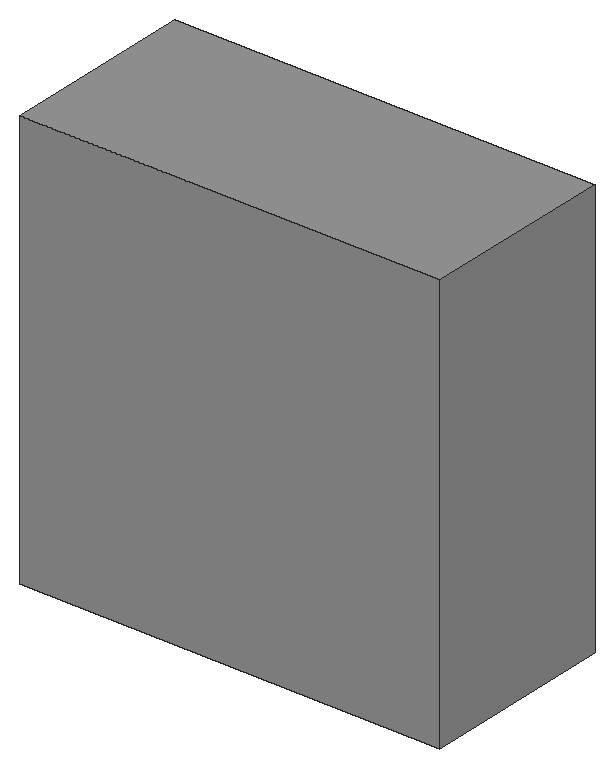
Revit family "EI_Verteiler_V1700", category Elektroinstallationen, Revit 2017
Family settings
  Beschriftungsausrichtung beibehalten = Nein
  Bemaßung runder Anschluss = Durchmesser verwenden
  Teiletyp = Normal
  OmniClass-Nummer = 23.80.00.00
  OmniClass-Titel = Electric Power and Lighting
  Arbeitsebenenbasiert = Nein
  Immer vertikal = Ja
  Beim Laden mit Abzugskörper schneiden = Ja
  Gemeinsam genutzt = Nein
  Raumberechnungspunkt = Nein
Parameters (values of type "ZK")
  pbr_Material_KZ = ""
  pbr_Material = none
  pbr_E_Typ = ""
  pbr_E_KZ = ""
  pbr_DINBild = 0
  pbr_Bild = 0
  pbr_3Dx_Delta_Korrekturversatz [instance] = 0 mm
  pbr_3DX_Versatzfaktor [instance] = 0
  pbr_2DY_Versatzfaktor [instance] = 0
  pbr_2DX_Versatzfaktor [instance] = 0
  cpiFitMatchKey [instance] = "E-BM-BMPA"
  Zentrale [instance] = ""
  Wirkleistung [instance] = 0 W
  Winkel [instance] = 90.00°
  Verteiler (INSTA) = no
  Verteiler (BMA) = yes
  Typ [instance] = ""
  Tiefe = 37 mm
  Text3 [instance] = ""
  Text2 [instance] = ""
  Text1 [instance] = ""
  Spannung [instance] = 0
  Scheinleistung [instance] = 0 VA
  Schaltgruppe2 [instance] = 0
  Schaltgruppe1 [instance] = 0
  Polig [instance] = 1
  Planungsbüro Rohling = "www.pbr.de"
  Nennstrom [instance] = 0
  Menge(Dosenzahl) [instance] = 0
  Länge = Breite  # 80 mm
  Linie/Anschluss [instance] = ""
  Leistungsfaktor [instance] = 0
  Lastklassifizierung = none
  Installationsart [instance] = ""
  Info [instance] = ""
  Gleichzeitigkeitsfaktor3 [instance] = 0
  Gleichzeitigkeitsfaktor2 [instance] = 0
  Gleichzeitigkeitsfaktor1 [instance] = 0
  Gewerk [instance] = "ZK"
  Eckversatz [instance] = 0 mm
  YFrontversatz [instance] = if(pbr_2DY_Versatzfaktor = 300, 0 mm, pbr_2DY_Versatzfaktor * 300 mm)  # 0 mm
  XSeitenversatz [instance] = if(pbr_2DX_Versatzfaktor = 0, 3000 mm, 3000 mm + (pbr_2DX_Versatzfaktor * 300 mm)) + Eckversatz  # 3000 mm
  X3Dversatz [instance] = if([3DX_Versatzkontrolle] = 0, 2000 mm, 2000 mm + ([3DX_Versatzkontrolle] * (300 mm - Breite))) + pbr_3Dx_Delta_Korrekturversatz  # 2000 mm
  Niveau [instance] = 1200 mm
  Breite = 80 mm
  Anlaufstrom [instance] = 0
  3DX_Versatzkontrolle [instance] = if(pbr_3DX_Versatzfaktor = 0, (pbr_2DX_Versatzfaktor * -1), (((-1 * pbr_3DX_Versatzfaktor) + pbr_2DX_Versatzfaktor) * -1))  # 0
Types (3, lengths in mm): name | Verteiler (INSTA) | Verteiler (BMA) | Gewerk
  ZK | no | yes | "ZK"
  BMA | no | yes | "BMA"
  INSTA | yes | no | "Steck"
Reference planes
  plane 1 "Mitte (Vorne/Hinten)": y = 0
  plane 2: z = 0
  plane 3 "Mitte (Links/Rechts)": x = 22.5
  plane 4: x = -127.5
  plane 5: x = 172.5
  plane 6: y = 300
  plane 7 "Schalterhinten": y = 0
  plane 8: x = -2977.5
  plane 9: x = 22.5
  plane 10: x = -1977.5
  plane 11: x = -17.5
  plane 12: x = 62.5
  plane 13: z = 1240
  plane 14: z = 1160
  plane 15 "SchalterVorne": y = 37
  plane 16 "3DMitte": x = 22.5
  plane 17 "Achse": z = 1200
  plane 18: z = 1197.5
  plane 19: z = 1202.5
  plane 20 "2DMitte": y = 750
Forms (mm)
  Extrusion 1, solid, material "Stahl, weich, geschweißt"
    sketch origin (0, 20, 0) x (0, 0, 1) y (-1, 0, 0)
      loop
        line (1160, 17.5) -> (1160, -62.5) -> (1240, -62.5) -> (1240, 17.5) -> (1160, 17.5)
    from -17 to 20
Dimensions and locks
  locked: plane 6 to plane 7 "Schalterhinten" at 300
  "XSeitenversatz": plane 8 to plane 9
  plane 8 to plane 3 "Mitte (Links/Rechts)" = 3000 mm
  "YFrontversatz": plane 1 "Mitte (Vorne/Hinten)" to plane 7 "Schalterhinten"
  "Breite": plane 12 to plane 11
  "Länge": plane 13 to plane 14
  plane 9 to plane 10 = 2000 mm
  equal spacing: plane 12, plane 16 "3DMitte", plane 11
  "X3Dversatz": plane 16 "3DMitte" to plane 10
  equal spacing: plane 13, plane 17 "Achse", plane 14
  "Niveau": plane 17 "Achse" to level
  "Tiefe": plane 15 "SchalterVorne" to plane 1 "Mitte (Vorne/Hinten)"
  plane 13 to plane 18 = 42.5 mm
  plane 19 to plane 14 = 42.5 mm
  equal spacing: plane 4, plane 9, plane 5, locked at 150 each
  locked: plane 4 to plane 5 at 300
  aligned and locked: level to plane 2
  aligned and locked: Extrusion 1 sketch curve to plane 14
  aligned and locked: Extrusion 1 sketch curve to plane 11
  aligned and locked: Extrusion 1 sketch curve to plane 13
  aligned and locked: plane 12 to Extrusion 1 sketch curve
  aligned and locked: plane 1 "Mitte (Vorne/Hinten)" to Extrusion 1
  aligned and locked: Extrusion 1 to plane 15 "SchalterVorne"
  aligned and locked: nested 1 to plane 9
  aligned and locked: nested 1 to plane 7 "Schalterhinten"
  aligned and locked: nested 2 to plane 9
Nested families
  nested 1: "Verteilerkasten (INSTA)" at (22.5, 0, 0), visible <- "Verteiler (INSTA)", type "Verteilerkasten (INSTA)"
    with Winkel 90.00°
  nested 2: "Verteiler (BMA)" at (22.5, 0, 0), visible <- "Verteiler (BMA)", type "Verteiler (BMA)"
    with Winkel 90.00°
Connectors
  electrical at (22.5, 0, 1200)
    settings: on Extrusion 1, index 1, voltage 0 V, apparent load 0 VA, apparent load phase1 0 VA, apparent load phase2 0 VA, apparent load phase3 0 VA, power factor 1, load classification "Sonstige", number of poles 1, system type 31, power factor state 1, is connector primary yes, connector utility no, sub classification motor no, connector description ""
Definition of nested family "Verteilerkasten (INSTA)"
  Parameters (values of type "Verteilerkasten (INSTA)")
    Winkel [instance] = 90.00°
    V = yes
  Reference planes
    plane 1 "Mitte (Vorne/Hinten)": y = 0
    plane 2: z = 0
    plane 3 "Mitte (Links/Rechts)": x = 0
  Lines and regions (mm)
    Filled region 1, type "Beton", in view "Referenzebene", visible <- "V"
      outline origin (-1419.147, -899.048, 0) x (1, 0, 0) y (0, 1, 0)
        loop
          line (1430.799, 942.626) -> (1500.404, 1120.011) -> (1476.547, 1120.011) -> (1419.022, 961.964) -> (1363.416, 1120.011) -> (1338.053, 1120.011) -> (1406.767, 942.626) -> (1430.799, 942.626)
    detail lines, in view "Referenzebene"
      curve 1: line (137.904, 0, 0) -> (137.904, 270, 0)
      curve 2: line (137.904, 270, 0) -> (-130.846, 270, 0)
      curve 3: line (-130.846, 270, 0) -> (-130.846, 0, 0)
      curve 4: line (-130.846, 0, 0) -> (137.904, 0, 0)
Definition of nested family "Verteiler (BMA)"
  Parameters (values of type "Verteiler (BMA)")
    Winkel [instance] = 90.00°
    V = yes
  Reference planes
    plane 1 "Mitte (Vorne/Hinten)": y = 0
    plane 2: z = 0
    plane 3 "Mitte (Links/Rechts)": x = 0
  Lines and regions (mm)
    Filled region 1, type "Beton", in view "Referenzebene", visible <- "V"
      outline origin (-1148.012, -624.106, 0) x (1, 0, 0) y (0, 1, 0)
        loop
          line (1159.664, 670.099) -> (1229.268, 847.484) -> (1205.411, 847.484) -> (1147.887, 689.437) -> (1092.28, 847.484) -> (1066.917, 847.484) -> (1135.631, 670.099) -> (1159.664, 670.099)
    detail lines, in view "Referenzebene"
      curve 1: line (-131.549, 269.507, 0) -> (138.596, 269.507, 0)
      curve 2: line (138.596, 269.507, 0) -> (138.596, 0, 0)
      curve 3: line (138.596, 0, 0) -> (-131.549, 0, 0)
      curve 4: line (-131.549, 0, 0) -> (-131.549, 269.507, 0)
